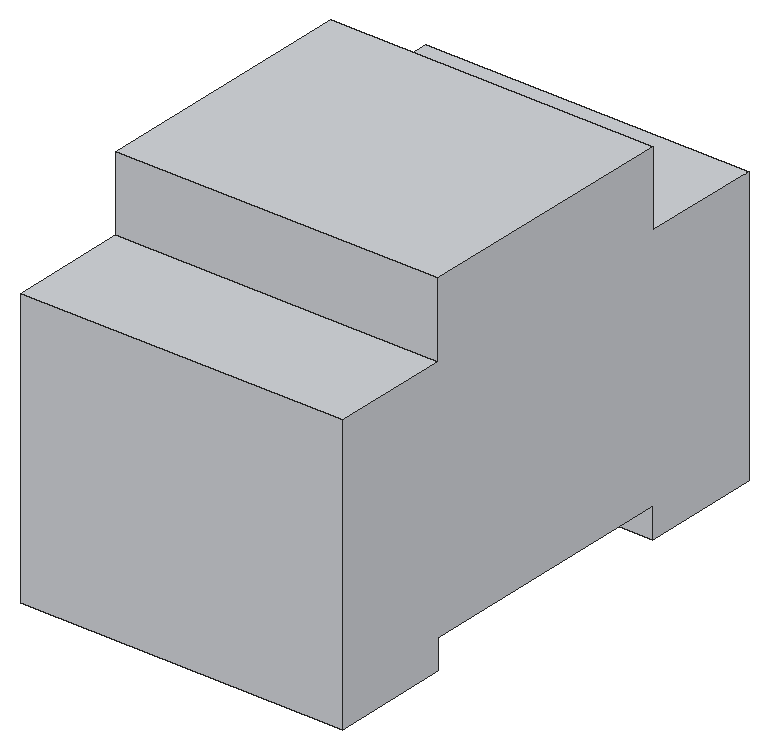
Revit family "Power-ModularDevices-GEWISS-90AM-CONTACTORS_63A", category Apparecchi elettrici, host Superficie, Revit 2016
Family settings
  Host = Superficie
  Mantenere orientamento annotazione = Sì
  Tipo di parte = Normale
  Quota connettore circolare = Usa diametro
  Numero OmniClass = 23.80.30.00
  Titolo OmniClass = Distribution Devices
  Taglio con vuoti quando caricato = No
  Condiviso = No
  Punto di calcolo locali = Sì
Parameters (values of type "GWD6735 - CONTACTOR 63A 3NO+1NC 230V 3M")
  dIST sIMBOLO [instance] = 6.4 mm  # constant formula
  Version file RFA = "18.0"
  URL = "https://www.gewiss.com/ww/en"
  Technical sheet = "https://www.gewiss.com/ww/en/search?q=GWD6735"
  TEXT LABEL = "A"
  Realized by GEWISS S.p.A. = ""
  Rated current (AC-1/AC-7a) = "63 A - CTR63"
  Default Elevation = 1219.2 mm
  Produttore = "GEWISS S.p.A."
  Potenza in Watt = 0 V
  Numero poli = 1
  No. Chorus modules = "3"
  Modello = "GWD6735"
  Immagine tipo = GWD6735.jpg
  IFC.TypeObject = ""
  IFC.ExportType = ""
  IFC.ExportAs = ""
  IDT = "c63d6545-c37d-42b5-b4d1-4d04d153b494"
  IDF = "21306ecf-3ec0-4b82-b9e7-bfcac6a47091"
  Fin_contattore = none
  Electrocod = "1712                "
  EAN code = "8011564809673"
  Dist_dalla barra din [instance] = 10 mm
  Descrizione = "CONTACTOR 63A 3NO+1NC 230V 3M"
  D = 45 mm  # constant formula
  Control coil voltage (V) = "230Vac - 220Vdc"
  Contacts = "3NO+1NC"
  Catalogue Range = "90 AM"
  Catalogue = "POWER"
  COBie.Tagnumber = ""
  COBie.CreatedOn = ""
  COBie.CreatebBy = ""
  COBie.ComponentRegisterItemID = ""
  COBie.Component.TagNumber = ""
  COBie.Component.Space = ""
  COBie.Component.SerialNumber = ""
  COBie.Component.InstallationDate = ""
  COBie.Component.Description = ""
  COBie.Component.BarCode = ""
  C = 65 mm  # constant formula
  B = 85 mm  # constant formula
  A = 54 mm  # constant formula
Types (6, lengths in mm): name | URL | Technical sheet | Produttore | Modello | Immagine tipo | IDT | EAN code | Descrizione | Control coil voltage (V) | Contacts
  (no name) | 0 | "" | "GEWISS" | "GWD6731" | GWD6731.jpg | "" | "" | "CONTATTORE 63A 2NA 230V 3M" | "" | ""
  GWD6735 - CONTACTOR 63A 3NO+1NC 230V 3M | "https://www.gewiss.com/ww/en" | "https://www.gewiss.com/ww/en/search?q=GWD6735" | "GEWISS S.p.A." | "GWD6735" | GWD6735.jpg | "c63d6545-c37d-42b5-b4d1-4d04d153b494" | "8011564809673" | "CONTACTOR 63A 3NO+1NC 230V 3M" | "230Vac - 220Vdc" | "3NO+1NC"
  GWD6734 - CONTACTOR 63A 4NO 230V 3M | "https://www.gewiss.com/ww/en" | "https://www.gewiss.com/ww/en/search?q=GWD6734" | "GEWISS S.p.A." | "GWD6734" | GWD6734.jpg | "8ca9e8db-97dc-41c0-8fb2-f993b27a229f" | "8011564809666" | "CONTACTOR 63A 4NO 230V 3M" | "230Vac - 220Vdc" | "4NO"
  GWD6733 - CONTACTOR 63A 4NO 24V 3M | "https://www.gewiss.com/ww/en" | "https://www.gewiss.com/ww/en/search?q=GWD6733" | "GEWISS S.p.A." | "GWD6733" | GWD6733.jpg | "2f6f7452-b5a7-45f7-9bd5-806feb7be7b3" | "8011564809659" | "CONTACTOR 63A 4NO 24V 3M" | "24Vac/dc" | "4NO"
  GWD6732 - CONTACTOR 63A 3NO 230V 3M | "https://www.gewiss.com/ww/en" | "https://www.gewiss.com/ww/en/search?q=GWD6732" | "GEWISS S.p.A." | "GWD6732" | GWD6732.jpg | "7943a9d6-2972-4907-952d-c327798d2ad2" | "8011564809642" | "CONTACTOR 63A 3NO 230V 3M" | "230Vac - 220Vdc" | "3NO"
  GWD6731 - CONTACTOR 63A 2NO 230V 3M | "https://www.gewiss.com/ww/en" | "https://www.gewiss.com/ww/en/search?q=GWD6731" | "GEWISS S.p.A." | "GWD6731" | GWD6731.jpg | "0d27e0e4-a9b3-4397-b37b-8052356e89cf" | "8011564809635" | "CONTACTOR 63A 2NO 230V 3M" | "230Vac - 220Vdc" | "2NO"
Values of the unnamed type that differ from the named types
  Version file RFA = ""
  TEXT LABEL = ""
  Rated current (AC-1/AC-7a) = ""
  No. Chorus modules = ""
  IDF = ""
  Electrocod = ""
  Catalogue Range = ""
  Catalogue = ""
Reference planes
  plane 1 "Centro (Fronte/Retro)": y = 0
  plane 2: z = 0
  plane 3 "Centro (Sinistra/Destra)": x = 0
Dimensions and locks
  aligned and locked: plane 2 to host face
  aligned and locked: level to host face
  aligned and locked: plane 3 "Centro (Sinistra/Destra)" to nested 1
  aligned and locked: plane 1 "Centro (Fronte/Retro)" to nested 1
Nested families
  nested 1: "90AM CONTATTORI 63A_generico" at (0, 0, 0), type "90AM CONTATTORI 63A_generico"
Connectors
  electrical at (0, 42.5, 28.232)
    settings: on nested 1, index 1, voltage 230 V, apparent load 0 VA, apparent load phase1 0 VA, apparent load phase2 0 VA, apparent load phase3 0 VA, power factor 1, load classification "Altro", number of poles 1, system type 31, power factor state 1, is connector primary yes, connector utility no, sub classification motor no, connector description ""
Definition of nested family "90AM CONTATTORI 63A_generico"
  Parameters (values of type "90AM CONTATTORI 63A_generico")
    interruttore = none
    gw96003/04 = yes
    Default Elevation = 1219.2 mm
    Finitura Amperometro = none
    DIST_DALLA BARRA = 10 mm
    D = 45 mm
    C = 59 mm
    B = 85 mm
    A = 54 mm
  Reference planes
    plane 1 "Centro (Fronte/Retro)": y = 0
    plane 2: z = 0
    plane 3 "Centro (Sinistra/Destra)": x = 0
    plane 4: y = -22.5
    plane 5: y = 22.5
    plane 6: y = -32.5
    plane 7: y = 32.5
    plane 8: y = -42.5
    plane 9: y = 42.5
    plane 10 "POSIZIONAMENTO FRONTALE": z = 64
    plane 11: z = 5
    plane 12: z = 10
    plane 13 "FOROMETRIA": z = 38.929
    plane 14 "POSIZIONAMENTO 2D": z = 51.465
    plane 15: x = -27
    plane 16: x = 27
    plane 17: through (0, -1524, 57.378) normal (-0.6412, 0, 0.7674)
    plane 18: z = 48.108
    plane 19 "aaaa": y = -8.75
  Forms (mm)
    Extrusion 1, solid, material <- "Finitura Amperometro"
      sketch origin (0, 0, 5) x (0, 1, 0) y (0, 0, 1)
        loop
          line (22.5, 59) -> (-22.5, 59) -> (-22.5, 46.465) -> (-42.5, 46.465) -> (-42.5, 0) -> (-22.5, 0) -> (-22.5, 5) -> (22.5, 5) -> (22.5, 0) -> (42.5, 0) -> (42.5, 46.465) -> (22.5, 46.465) -> (22.5, 59)
      from -27 to 27
    Extrusion 2, solid, material <- "Finitura Amperometro", detail levels coarse
      sketch origin (0, 0, 38.929) x (0, -1, 0) y (1, 0, 0)
        loop
          line (-42.5, -27) -> (42.5, -27) -> (42.5, 27) -> (-42.5, 27) -> (-42.5, -27)
      from -28.929 to 25.071
    Extrusion 3, solid, material <- "Finitura Amperometro", detail levels coarse
      sketch origin (0, 0, 0) x (0, 1, 0) y (0, 0, 1)
        loop
          line (-3.75, 62.378) -> (3.75, 62.378) -> (3.75, 64) -> (-3.75, 64) -> (-3.75, 62.378)
      from -4.396 to 4.396
  Cuts and joins
    joined: Extrusion 2, Extrusion 3
  Lines and regions (mm)
    model lines, not visible
      curve 1: circle (49.559, -27.168, 46.465) r 2.5 normal (0, 0, 1)
      curve 2: circle (49.559, 28.832, 46.465) r 2.5 normal (0, 0, 1)
      curve 3: line (50.459, -37.043, 46.465) -> (50.459, -38.843, 46.465)
      curve 4: line (50.459, -38.843, 46.465) -> (48.659, -38.843, 46.465)
      curve 5: line (48.659, -38.843, 46.465) -> (48.659, -37.043, 46.465)
      curve 6: line (48.659, -37.043, 46.465) -> (50.459, -37.043, 46.465)
      curve 7: line (50.459, 40.507, 46.465) -> (50.459, 38.707, 46.465)
      curve 8: line (50.459, 38.707, 46.465) -> (48.659, 38.707, 46.465)
      curve 9: line (48.659, 38.707, 46.465) -> (48.659, 40.507, 46.465)
      curve 10: line (48.659, 40.507, 46.465) -> (50.459, 40.507, 46.465)
      curve 11: line (40.559, 23.332, 46.465) -> (58.559, 23.332, 46.465)
      curve 12: line (49.069, -24.716, 46.465) -> (49.069, -26.617, 46.465)
      curve 13: line (49.069, -26.617, 46.465) -> (47.087, -26.79, 46.465)
      curve 14: line (49.07, -29.619, 46.465) -> (49.07, -27.718, 46.465)
      curve 15: line (49.07, -27.718, 46.465) -> (47.087, -27.545, 46.465)
      curve 16: line (52.03, -26.789, 46.465) -> (50.046, -26.617, 46.465)
      curve 17: line (50.046, -26.617, 46.465) -> (50.046, -24.716, 46.465)
      curve 18: line (52.03, -27.545, 46.465) -> (50.046, -27.718, 46.465)
      curve 19: line (50.046, -27.718, 46.465) -> (50.046, -29.62, 46.465)
      curve 20: line (49.069, 31.284, 46.465) -> (49.069, 29.383, 46.465)
      curve 21: line (49.069, 29.383, 46.465) -> (47.087, 29.21, 46.465)
      curve 22: line (49.07, 26.381, 46.465) -> (49.07, 28.282, 46.465)
      curve 23: line (49.07, 28.282, 46.465) -> (47.087, 28.455, 46.465)
      curve 24: line (52.03, 29.211, 46.465) -> (50.046, 29.383, 46.465)
      curve 25: line (50.046, 29.383, 46.465) -> (50.046, 31.284, 46.465)
      curve 26: line (52.03, 28.455, 46.465) -> (50.046, 28.282, 46.465)
      curve 27: line (50.046, 28.282, 46.465) -> (50.046, 26.38, 46.465)
      curve 28: line (58.559, -41.668, 46.465) -> (58.559, -21.668, 46.465)
      curve 29: line (58.559, 43.332, 46.465) -> (40.559, 43.332, 46.465)
      curve 30: line (40.559, 43.332, 46.465) -> (40.559, 23.332, 46.465)
      curve 31: line (40.559, -41.668, 46.465) -> (58.559, -41.668, 46.465)
      curve 32: line (40.559, -21.668, 46.465) -> (58.559, -21.668, 46.465)
      curve 33: line (40.559, -21.668, 46.465) -> (40.559, -41.668, 46.465)
      curve 34: line (58.559, 23.332, 46.465) -> (58.559, 43.332, 46.465)
      curve 86: line (42.97, 22.567, 51.465) -> (96.97, 22.567, 51.465)
      curve 87: line (96.97, -42.433, 51.465) -> (96.97, -22.433, 51.465)
      curve 88: line (96.97, 42.567, 51.465) -> (42.97, 42.567, 51.465)
      curve 89: line (42.97, 42.567, 51.465) -> (42.97, 22.567, 51.465)
      curve 90: line (42.97, -42.433, 51.465) -> (96.97, -42.433, 51.465)
      curve 91: line (42.97, -22.433, 51.465) -> (96.97, -22.433, 51.465)
      curve 92: line (42.97, -22.433, 51.465) -> (42.97, -42.433, 51.465)
      curve 93: line (96.97, 22.567, 51.465) -> (96.97, 42.567, 51.465)
    model lines, detail levels medium+fine
      curve 35: line (-27, 9.895, 64) -> (27, 9.895, 64)
      curve 36: line (27, -22.5, 64) -> (27, -3.002, 64)
      curve 37: line (-27, 21.998, 64) -> (-27, -0.307, 64)
      curve 38: line (-27, -22.5, 64) -> (27, -22.5, 64)
      curve 39: line (-27, -0.307, 64) -> (-27, -22.5, 64)
      curve 40: line (27, -3.002, 64) -> (27, 21.998, 64)
      curve 54: arc (-2.313, -22.433, 51.465) -> (0.002, -28.558, 51.465) -> (2.318, -22.433, 51.465) r 3.5
      curve 56: circle (8.502, -32.808, 51.465) r 3.75 normal (0, 0, 1)
      curve 57: circle (20.002, -32.808, 51.465) r 3.75 normal (0, 0, 1)
      curve 58: circle (-19.998, -32.808, 51.465) r 3.75 normal (0, 0, 1)
      curve 59: circle (-8.498, -32.808, 51.465) r 3.75 normal (0, 0, 1)
      curve 60: circle (-19.998, 32.948, 51.465) r 3.75 normal (0, 0, 1)
      curve 61: circle (20.002, 32.948, 51.465) r 3.75 normal (0, 0, 1)
      curve 62: circle (-8.498, 32.948, 51.465) r 3.75 normal (0, 0, 1)
      curve 63: circle (8.502, 32.948, 51.465) r 3.75 normal (0, 0, 1)
      curve 64: arc (2.31, 22.567, 51.465) -> (0.002, 28.698, 51.465) -> (-2.305, 22.567, 51.465) r 3.5
    model lines, not visible, detail levels medium+fine
      curve 41: line (50.753, -0.698, 59) -> (50.753, 2.302, 59)
      curve 42: line (50.753, 2.302, 59) -> (54.853, 2.302, 59)
      curve 43: line (54.853, 2.302, 59) -> (54.853, -0.698, 59)
      curve 44: line (54.853, -0.698, 59) -> (50.753, -0.698, 59)
      curve 45: line (57.253, -1.182, 59) -> (48.703, -1.182, 59)
      curve 46: line (48.703, -1.182, 59) -> (48.703, 3.473, 59)
      curve 47: line (57.453, 3.473, 59) -> (39.453, 3.473, 59)
      curve 48: line (39.453, 5.599, 59) -> (57.453, 5.599, 59)
      curve 49: line (57.453, -26.796, 59) -> (57.453, -7.298, 59)
      curve 50: line (39.453, 17.702, 59) -> (39.453, -4.603, 59)
      curve 51: line (39.453, -26.796, 59) -> (57.453, -26.796, 59)
      curve 52: line (39.453, -4.603, 59) -> (39.453, -26.796, 59)
      curve 53: line (57.453, -7.298, 59) -> (57.453, 17.702, 59)
      curve 74: arc (67.656, -22.433, 51.465) -> (69.972, -28.558, 51.465) -> (72.287, -22.433, 51.465) r 3.5
      curve 76: circle (78.472, -32.808, 51.465) r 3.75 normal (0, 0, 1)
      curve 77: circle (89.972, -32.808, 51.465) r 3.75 normal (0, 0, 1)
      curve 78: circle (49.972, -32.808, 51.465) r 3.75 normal (0, 0, 1)
      curve 79: circle (61.472, -32.808, 51.465) r 3.75 normal (0, 0, 1)
      curve 80: circle (49.972, 32.948, 51.465) r 3.75 normal (0, 0, 1)
      curve 81: circle (89.972, 32.948, 51.465) r 3.75 normal (0, 0, 1)
      curve 82: circle (61.472, 32.948, 51.465) r 3.75 normal (0, 0, 1)
      curve 83: circle (78.472, 32.948, 51.465) r 3.75 normal (0, 0, 1)
      curve 84: arc (72.279, 22.567, 51.465) -> (69.972, 28.698, 51.465) -> (67.664, 22.567, 51.465) r 3.5
    model lines, detail levels fine
      curve 55: circle (0.002, -35.058, 51.465) r 2.5 normal (0, 0, 1)
      curve 65: circle (0.002, 35.198, 51.465) r 2.5 normal (0, 0, 1)
    model lines
      curve 66: line (-27, 22.567, 51.465) -> (27, 22.567, 51.465)
      curve 67: line (27, -42.433, 51.465) -> (27, -22.433, 51.465)
      curve 68: line (27, 42.567, 51.465) -> (-27, 42.567, 51.465)
      curve 69: line (-27, 42.567, 51.465) -> (-27, 22.567, 51.465)
      curve 70: line (-27, -42.433, 51.465) -> (27, -42.433, 51.465)
      curve 71: line (-27, -22.433, 51.465) -> (27, -22.433, 51.465)
      curve 72: line (-27, -22.433, 51.465) -> (-27, -42.433, 51.465)
      curve 73: line (27, 22.567, 51.465) -> (27, 42.567, 51.465)
      curve 94: line (18.214, -4.289, 64) -> (23.456, -4.289, 64)
      curve 95: line (18.214, -8.75, 64) -> (18.214, -4.289, 64)
      curve 96: line (23.456, -8.75, 64) -> (18.214, -8.75, 64)
      curve 97: line (23.456, -4.289, 64) -> (23.456, -8.75, 64)
    model lines, not visible, detail levels fine
      curve 75: circle (69.972, -35.058, 51.465) r 2.5 normal (0, 0, 1)
      curve 85: circle (69.972, 35.198, 51.465) r 2.5 normal (0, 0, 1)
  Dimensions and locks
    equal spacing: plane 4, plane 1 "Centro (Fronte/Retro)", plane 5
    "D": plane 4 to plane 5
    "C": plane 11 to plane 10 "POSIZIONAMENTO FRONTALE"
    locked: plane 11 to plane 12 at 5
    "B": plane 8 to plane 9
    equal spacing: plane 8, plane 1 "Centro (Fronte/Retro)", plane 9
    plane 12 to plane 13 "FOROMETRIA" = 28.929 mm
    equal spacing: plane 10 "POSIZIONAMENTO FRONTALE", plane 14 "POSIZIONAMENTO 2D", plane 13 "FOROMETRIA"
    locked: plane 6 to plane 4 at 10
    locked: plane 5 to plane 7 at 10
    equal spacing: plane 15, plane 3 "Centro (Sinistra/Destra)", plane 16
    "A": plane 15 to plane 16
    "DIST_DALLA BARRA": plane 2 to plane 12
    plane 8 to plane 6 = 10 mm
    locked: plane 14 "POSIZIONAMENTO 2D" to plane 18 at 3.357
    aligned and locked: level to plane 2
    aligned and locked: plane 4 to Extrusion 1 sketch curve
    aligned and locked: plane 5 to Extrusion 1 sketch curve
    aligned and locked: plane 8 to Extrusion 1 sketch curve
    aligned and locked: plane 9 to Extrusion 1 sketch curve
    aligned and locked: plane 12 to Extrusion 1 sketch curve
    aligned and locked: plane 11 to Extrusion 1 sketch curve  (x2)
    aligned and locked: plane 14 "POSIZIONAMENTO 2D" to Extrusion 1 sketch curve
    aligned and locked: Extrusion 1 sketch curve to plane 14 "POSIZIONAMENTO 2D"
    aligned and locked: plane 15 to Extrusion 1
    aligned and locked: Extrusion 1 to plane 16
    aligned and locked: plane 16 to Extrusion 2 sketch curve
    aligned and locked: plane 9 to Extrusion 2 sketch curve
    aligned and locked: Extrusion 2 sketch curve to plane 15
    aligned and locked: Extrusion 2 sketch curve to plane 8
    aligned and locked: Extrusion 2 to plane 10 "POSIZIONAMENTO FRONTALE"
    aligned and locked: plane 12 to Extrusion 2
    aligned and locked: Extrusion 1 sketch curve to plane 10 "POSIZIONAMENTO FRONTALE"
    aligned and locked: plane 15 to curve 72
  Automatic sketch dimensions
    plane 10 "POSIZIONAMENTO FRONTALE" to Extrusion 3 sketch curve = 0 mm
    Extrusion 3 sketch curve to plane 1 "Centro (Fronte/Retro)" = 3.75 mm
    plane 1 "Centro (Fronte/Retro)" to Extrusion 3 sketch curve = 3.75 mm
    plane 10 "POSIZIONAMENTO FRONTALE" to Extrusion 3 sketch curve = 1.622 mm
    curve 38 to curve 36 = 54 mm
    curve 36 to curve 36 = 19.498 mm
    curve 36 to curve 39 = 54.067 mm
    curve 35 to curve 40 = 12.103 mm
    curve 35 to curve 37 = 12.103 mm
    curve 50 to curve 45 = 9.25 mm
    curve 46 to curve 41 = 2.05 mm
    curve 41 to curve 43 = 4.1 mm
    curve 51 to curve 49 = 18 mm
    curve 49 to curve 49 = 19.498 mm
    curve 49 to curve 52 = 2.695 mm
    curve 50 to curve 45 = 3.421 mm
    curve 45 to curve 44 = 0.484 mm
    curve 41 to curve 42 = 3 mm
    curve 43 to curve 45 = 2.4 mm
    curve 41 to curve 46 = 1.171 mm
    curve 47 to curve 48 = 2.126 mm
    curve 48 to curve 53 = 12.103 mm
    curve 48 to curve 50 = 12.103 mm
    curve 35 to plane 15 = 0 mm
    plane 19 "aaaa" to curve 96 = 0 mm
    plane 4 to curve 38 = 0 mm
    curve 38 to plane 16 = 0 mm
    plane 1 "Centro (Fronte/Retro)" to curve 95 = 4.289 mm
    plane 16 to curve 95 = 8.786 mm
    plane 16 to curve 97 = 3.544 mm
    plane 1 "Centro (Fronte/Retro)" to curve 40 = 3.002 mm
    plane 1 "Centro (Fronte/Retro)" to curve 39 = 0.307 mm
    curve 35 to plane 1 "Centro (Fronte/Retro)" = 9.895 mm
    plane 5 to curve 37 = 0.502 mm
    plane 5 to curve 40 = 0.502 mm
    curve 68 to curve 60 = 9.618 mm
    curve 63 to curve 61 = 0 mm
    curve 60 to curve 66 = 10.382 mm
    curve 66 to curve 71 = 45 mm
    curve 54 to curve 54 = 2.625 mm
    curve 54 to curve 56 = 7.75 mm
    curve 54 to curve 59 = 7.75 mm
    curve 58 to curve 59 = 0 mm
    curve 56 to curve 57 = 0 mm
    curve 56 to curve 55 = 2.25 mm
    curve 58 to curve 72 = 9.625 mm
    curve 69 to curve 72 = 0 mm
    curve 70 to curve 58 = 7.002 mm
    curve 68 to curve 60 = 7.002 mm
    curve 60 to curve 62 = 11.5 mm
    curve 58 to curve 59 = 11.5 mm
    curve 59 to curve 54 = 8.5 mm
    curve 59 to curve 55 = 8.5 mm
    curve 55 to curve 56 = 8.5 mm
    curve 63 to curve 61 = 11.5 mm
    curve 56 to curve 57 = 11.5 mm
    curve 61 to curve 66 = 6.998 mm
    curve 57 to curve 71 = 6.998 mm
    curve 54 to curve 54 = 2.316 mm
    curve 64 to curve 64 = 2.307 mm
    curve 65 to curve 64 = 12.632 mm
    curve 65 to curve 62 = 2.25 mm
    curve 65 to curve 63 = 2.25 mm
    curve 64 to curve 64 = 2.632 mm
    curve 62 to curve 65 = 8.5 mm
    curve 64 to curve 65 = 0 mm
    curve 65 to curve 63 = 8.5 mm
    curve 88 to curve 80 = 9.618 mm
    curve 83 to curve 81 = 0 mm
    curve 80 to curve 86 = 10.382 mm
    curve 86 to curve 91 = 45 mm
    curve 74 to curve 74 = 2.625 mm
    curve 74 to curve 76 = 7.75 mm
    curve 74 to curve 79 = 7.75 mm
    curve 78 to curve 79 = 0 mm
    curve 76 to curve 77 = 0 mm
    curve 76 to curve 75 = 2.25 mm
    curve 78 to curve 92 = 9.625 mm
    curve 89 to curve 92 = 0 mm
    curve 90 to curve 78 = 7.002 mm
    curve 88 to curve 80 = 7.002 mm
    curve 80 to curve 82 = 11.5 mm
    curve 78 to curve 79 = 11.5 mm
    curve 79 to curve 74 = 8.5 mm
    curve 79 to curve 75 = 8.5 mm
    curve 75 to curve 76 = 8.5 mm
    curve 83 to curve 81 = 11.5 mm
    curve 76 to curve 77 = 11.5 mm
    curve 81 to curve 86 = 6.998 mm
    curve 77 to curve 91 = 6.998 mm
    curve 74 to curve 74 = 2.316 mm
    curve 84 to curve 84 = 2.307 mm
    curve 85 to curve 84 = 12.632 mm
    curve 85 to curve 82 = 2.25 mm
    curve 85 to curve 83 = 2.25 mm
    curve 84 to curve 84 = 2.632 mm
    curve 82 to curve 85 = 8.5 mm
    curve 84 to curve 85 = 0 mm
    curve 85 to curve 83 = 8.5 mm
    Extrusion 1 sketch curve to plane 4 = 0 mm
    Extrusion 1 sketch curve to plane 5 = 0 mm
    radius of curve 55 = 2.5 mm
    radius of curve 56 = 3.75 mm
    radius of curve 57 = 3.75 mm
    radius of curve 58 = 3.75 mm
    radius of curve 59 = 3.75 mm
    radius of curve 60 = 3.75 mm
    radius of curve 61 = 3.75 mm
    radius of curve 62 = 3.75 mm
    radius of curve 63 = 3.75 mm
    radius of curve 65 = 2.5 mm
    radius of curve 75 = 2.5 mm
    radius of curve 76 = 3.75 mm
    radius of curve 77 = 3.75 mm
    radius of curve 78 = 3.75 mm
    radius of curve 79 = 3.75 mm
    radius of curve 80 = 3.75 mm
    radius of curve 81 = 3.75 mm
    radius of curve 82 = 3.75 mm
    radius of curve 83 = 3.75 mm
    radius of curve 85 = 2.5 mm
